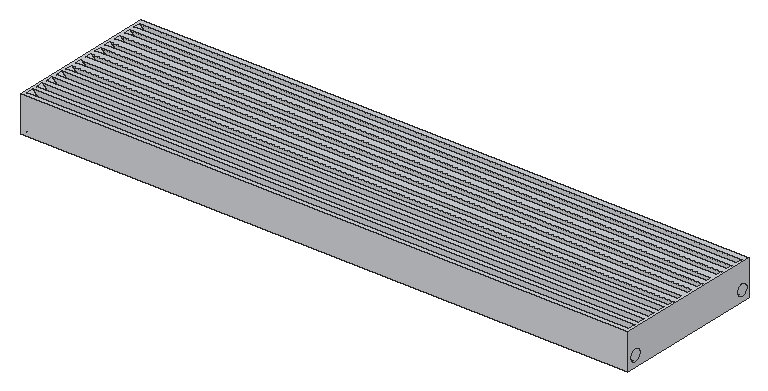
Revit family "SL13", category Mechanical Equipment, Revit 2017
Family settings
  Round Connector Dimension = Use Diameter
  Part Type = Normal
  OmniClass Number = 23.75.00.00
  OmniClass Title = Climate Control (HVAC)
  Work Plane-Based = No
  Always vertical = Yes
  Cut with Voids When Loaded = No
  Shared = No
  Room Calculation Point = No
Parameters
  Width = 299 mm
  Length = 1200 mm
  Height = 200 mm
Reference planes
  plane 1 "Center (Front/Back)": y = 0
  plane 2: z = 0
  plane 3 "Center (Left/Right)": x = 0
  plane 4: x = 0
  plane 5: x = -600
  plane 6: x = 600
  plane 7: x = -595
  plane 8: x = -580
  plane 9: x = 595
  plane 10: x = 580
  plane 11: x = 597
  plane 12: x = -597
  plane 13: z = 270
  plane 14: z = 255
  plane 15: z = 215
  plane 16: z = 200
  plane 17: y = -3
  plane 18: y = -299
  plane 19: y = -296
  plane 20: y = -281
  plane 21: y = -18
  plane 22: x = -530
  plane 23: x = 530
  plane 24: x = -533
  plane 25: x = 533
  plane 26 "Center": y = -149.5
Forms (mm)
  Extrusion 1, solid
    sketch origin (0, 0, 0) x (1, 0, 0) y (0, 0, 1)
      loop
        line (-600, 270) -> (-600, 200) -> (-595, 200) -> (-580, 215) -> (-580, 255) -> (-595, 270) -> (-600, 270)
      loop
        line (600, 270) -> (595, 270) -> (580, 255) -> (580, 215) -> (595, 200) -> (600, 200) -> (600, 270)
    from 0 to 299
  Extrusion 2, solid
    sketch origin (0, 0, 0) x (1, 0, 0) y (0, 1, 0)
      loop
        line (-595, 0) -> (-595, -11) -> (595, -11) -> (595, 0) -> (-595, 0)
    from 200 to 270
  Extrusion 3, solid
    sketch origin (0, -24, 0) x (1, 0, 0) y (0, 1, 0)
      loop
        line (-595, 0) -> (-595, -11) -> (595, -11) -> (595, 0) -> (-595, 0)
    from 200 to 270
  Extrusion 4, solid
    sketch origin (0, -48, 0) x (1, 0, 0) y (0, 1, 0)
      loop
        line (-595, 0) -> (-595, -11) -> (595, -11) -> (595, 0) -> (-595, 0)
    from 200 to 270
  Extrusion 5, solid
    sketch origin (0, -72, 0) x (1, 0, 0) y (0, 1, 0)
      loop
        line (-595, 0) -> (-595, -11) -> (595, -11) -> (595, 0) -> (-595, 0)
    from 200 to 270
  Extrusion 6, solid
    sketch origin (0, -96, 0) x (1, 0, 0) y (0, 1, 0)
      loop
        line (-595, 0) -> (-595, -11) -> (595, -11) -> (595, 0) -> (-595, 0)
    from 200 to 270
  Extrusion 7, solid
    sketch origin (0, -120, 0) x (1, 0, 0) y (0, 1, 0)
      loop
        line (-595, 0) -> (-595, -11) -> (595, -11) -> (595, 0) -> (-595, 0)
    from 200 to 270
  Extrusion 8, solid
    sketch origin (0, -144, 0) x (1, 0, 0) y (0, 1, 0)
      loop
        line (-595, 0) -> (-595, -11) -> (595, -11) -> (595, 0) -> (-595, 0)
    from 200 to 270
  Extrusion 9, solid
    sketch origin (0, -168, 0) x (1, 0, 0) y (0, 1, 0)
      loop
        line (-595, 0) -> (-595, -11) -> (595, -11) -> (595, 0) -> (-595, 0)
    from 200 to 270
  Extrusion 10, solid
    sketch origin (0, -192, 0) x (1, 0, 0) y (0, 1, 0)
      loop
        line (-595, 0) -> (-595, -11) -> (595, -11) -> (595, 0) -> (-595, 0)
    from 200 to 270
  Extrusion 11, solid
    sketch origin (0, -216, 0) x (1, 0, 0) y (0, 1, 0)
      loop
        line (-595, 0) -> (-595, -11) -> (595, -11) -> (595, 0) -> (-595, 0)
    from 200 to 270
  Extrusion 12, solid
    sketch origin (0, -240, 0) x (1, 0, 0) y (0, 1, 0)
      loop
        line (-595, 0) -> (-595, -11) -> (595, -11) -> (595, 0) -> (-595, 0)
    from 200 to 270
  Extrusion 13, solid
    sketch origin (0, -264, 0) x (1, 0, 0) y (0, 1, 0)
      loop
        line (-595, 0) -> (-595, -11) -> (595, -11) -> (595, 0) -> (-595, 0)
    from 200 to 270
  Extrusion 14, solid
    sketch origin (0, -288, 0) x (1, 0, 0) y (0, 1, 0)
      loop
        line (-595, 0) -> (-595, -11) -> (595, -11) -> (595, 0) -> (-595, 0)
    from 200 to 270
  Extrusion 15, solid
    sketch origin (0, 0, 0) x (0, 1, 0) y (0, 0, 1)
      loop
        circle (-17.5, 222) r 10.5
      loop
        circle (-281.5, 222) r 10.5
    from -600 to -602
  Extrusion 16, solid
    sketch origin (0, 0, 0) x (0, 1, 0) y (0, 0, -1)
      loop
        circle (-17.5, -222) r 10.5
      loop
        circle (-281.5, -222) r 10.5
    from -600 to -602
Cuts and joins
  joined: Extrusion 1, Extrusion 2, Extrusion 3, Extrusion 4, Extrusion 5, Extrusion 6, Extrusion 7, Extrusion 8, Extrusion 9, Extrusion 10, Extrusion 11, Extrusion 12, Extrusion 13, Extrusion 14
Dimensions and locks
  equal spacing: plane 5, plane 4, plane 6
  "Length": plane 5 to plane 6
  locked: plane 7 to plane 8 at 15
  locked: plane 5 to plane 7 at 5
  locked: plane 9 to plane 10 at 15
  locked: plane 6 to plane 9 at 5
  locked: plane 11 to plane 6 at 3
  locked: plane 5 to plane 12 at 3
  "Height": plane 16 to level
  locked: plane 13 to plane 14 at 15
  locked: plane 13 to plane 16 at 70
  locked: plane 15 to plane 16 at 15
  "Width": plane 18 to plane 1 "Center (Front/Back)"
  locked: plane 23 to plane 6 at 70
  locked: plane 17 to plane 1 "Center (Front/Back)" at 3
  locked: plane 19 to plane 18 at 3
  locked: plane 21 to plane 1 "Center (Front/Back)" at 18
  locked: plane 20 to plane 18 at 18
  locked: plane 24 to plane 22 at 3
  locked: plane 23 to plane 25 at 3
  Extrusion 2 sketch curve to Extrusion 2 sketch curve = 11 mm
  Extrusion 3 sketch curve to Extrusion 3 sketch curve = 11 mm
  Extrusion 4 sketch curve to Extrusion 4 sketch curve = 11 mm
  Extrusion 5 sketch curve to Extrusion 5 sketch curve = 11 mm
  Extrusion 6 sketch curve to Extrusion 6 sketch curve = 11 mm
  Extrusion 7 sketch curve to Extrusion 7 sketch curve = 11 mm
  Extrusion 8 sketch curve to Extrusion 8 sketch curve = 11 mm
  Extrusion 9 sketch curve to Extrusion 9 sketch curve = 11 mm
  Extrusion 10 sketch curve to Extrusion 10 sketch curve = 11 mm
  Extrusion 11 sketch curve to Extrusion 11 sketch curve = 11 mm
  Extrusion 12 sketch curve to Extrusion 12 sketch curve = 11 mm
  Extrusion 13 sketch curve to Extrusion 13 sketch curve = 11 mm
  Extrusion 14 sketch curve to Extrusion 14 sketch curve = 11 mm
  locked: plane 5 to plane 22 at 70
  equal spacing: plane 18, plane 26 "Center", plane 1 "Center (Front/Back)"
  locked: Extrusion 2 to Extrusion 2 at 11
  locked: Extrusion 3 to Extrusion 2 at 13
  plane 21 to Extrusion 3 to Extrusion 3 = 6 mm locked, 11 mm locked
  locked: Extrusion 4 to Extrusion 3 at 13
  locked: Extrusion 4 to Extrusion 4 at 11
  locked: Extrusion 5 to Extrusion 4 at 13
  locked: Extrusion 5 to Extrusion 5 at 11
  locked: Extrusion 6 to Extrusion 5 at 13
  locked: Extrusion 6 to Extrusion 6 at 11
  locked: Extrusion 7 to Extrusion 6 at 13
  locked: Extrusion 7 to Extrusion 7 at 11
  locked: Extrusion 8 to Extrusion 7 at 13
  locked: Extrusion 8 to Extrusion 8 at 11
  locked: Extrusion 9 to Extrusion 8 at 13
  locked: Extrusion 9 to Extrusion 9 at 11
  locked: Extrusion 10 to Extrusion 9 at 13
  locked: Extrusion 10 to Extrusion 10 at 11
  locked: Extrusion 11 to Extrusion 10 at 13
  locked: Extrusion 11 to Extrusion 11 at 11
  locked: Extrusion 12 to Extrusion 11 at 13
  locked: Extrusion 12 to Extrusion 12 at 11
  locked: Extrusion 13 to Extrusion 12 at 13
  locked: Extrusion 13 to Extrusion 13 at 11
  locked: Extrusion 14 to Extrusion 13 at 13
  locked: Extrusion 14 to Extrusion 14 at 11
  locked: plane 1 "Center (Front/Back)" to Extrusion 15 sketch curve at 17.5
  Extrusion 15 sketch curve to plane 16 = 22 mm
  locked: Extrusion 15 sketch curve to plane 18 at 17.5
  locked: Extrusion 15 sketch curve to plane 16 at 22
  locked: plane 5 to Extrusion 15 at 2
  locked: plane 6 to Extrusion 16 at 2
  aligned and locked: level to plane 2
  aligned and locked: plane 5 to Extrusion 1 sketch curve
  aligned and locked: Extrusion 1 sketch curve to plane 8
  aligned and locked: plane 16 to Extrusion 1 sketch curve
  aligned and locked: Extrusion 1 sketch curve to plane 13
  aligned and locked: Extrusion 1 sketch curve to plane 6
  aligned and locked: plane 13 to Extrusion 1 sketch curve
  aligned and locked: plane 10 to Extrusion 1 sketch curve
  aligned and locked: Extrusion 1 sketch curve to plane 16
  aligned and locked: plane 13 to Extrusion 2
  aligned and locked: Extrusion 2 to plane 16
  aligned and locked: Extrusion 14 to plane 9
  aligned and locked: Extrusion 13 to plane 9
  aligned and locked: Extrusion 12 to plane 9
  aligned and locked: Extrusion 11 to plane 9
  aligned and locked: Extrusion 10 to plane 9
  aligned and locked: Extrusion 9 to plane 9
  aligned and locked: Extrusion 8 to plane 9
  aligned and locked: Extrusion 7 to plane 9
  aligned and locked: Extrusion 6 to plane 9
  aligned and locked: Extrusion 5 to plane 9
  aligned and locked: Extrusion 4 to plane 9
  aligned and locked: Extrusion 3 to plane 9
  aligned and locked: Extrusion 2 to plane 9
  aligned and locked: plane 13 to Extrusion 14
  aligned and locked: plane 13 to Extrusion 13
  aligned and locked: plane 13 to Extrusion 12
  aligned and locked: plane 13 to Extrusion 11
  aligned and locked: plane 13 to Extrusion 10
  aligned and locked: plane 13 to Extrusion 9
  aligned and locked: plane 13 to Extrusion 8
  aligned and locked: plane 13 to Extrusion 7
  aligned and locked: plane 13 to Extrusion 6
  aligned and locked: plane 13 to Extrusion 5
  aligned and locked: plane 13 to Extrusion 4
  aligned and locked: plane 13 to Extrusion 3
  aligned and locked: Extrusion 14 to plane 16
  aligned and locked: Extrusion 13 to plane 16
  aligned and locked: Extrusion 12 to plane 16
  aligned and locked: Extrusion 11 to plane 16
  aligned and locked: Extrusion 10 to plane 16
  aligned and locked: Extrusion 9 to plane 16
  aligned and locked: Extrusion 8 to plane 16
  aligned and locked: Extrusion 7 to plane 16
  aligned and locked: Extrusion 6 to plane 16
  aligned and locked: Extrusion 5 to plane 16
  aligned and locked: Extrusion 4 to plane 16
  aligned and locked: Extrusion 3 to plane 16
  aligned and locked: Extrusion 1 to plane 18
  aligned and locked: plane 6 to Extrusion 16
  aligned and locked: plane 5 to Extrusion 15
Automatic sketch dimensions
  Extrusion 1 sketch curve to plane 7 = 0 mm  (x2)
  plane 9 to Extrusion 1 sketch curve = 0 mm  (x2)
  Extrusion 1 sketch curve to plane 15 = 0 mm  (x2)
  Extrusion 1 sketch curve to plane 14 = 0 mm  (x2)
  plane 1 "Center (Front/Back)" to Extrusion 2 sketch curve = 0 mm
  Extrusion 2 sketch curve to plane 7 = 0 mm
  Extrusion 2 sketch curve to plane 9 = 0 mm
  Extrusion 3 sketch curve to plane 7 = 0 mm
  Extrusion 3 sketch curve to plane 9 = 0 mm
  Extrusion 3 sketch curve to plane 21 = 17 mm
  Extrusion 4 sketch curve to plane 7 = 0 mm
  Extrusion 4 sketch curve to plane 9 = 0 mm
  Extrusion 4 sketch curve to plane 21 = 41 mm
  Extrusion 5 sketch curve to plane 7 = 0 mm
  Extrusion 5 sketch curve to plane 9 = 0 mm
  Extrusion 5 sketch curve to plane 21 = 65 mm
  Extrusion 6 sketch curve to plane 7 = 0 mm
  Extrusion 6 sketch curve to plane 9 = 0 mm
  plane 26 "Center" to Extrusion 6 sketch curve = 42.5 mm
  Extrusion 7 sketch curve to plane 7 = 0 mm
  Extrusion 7 sketch curve to plane 9 = 0 mm
  plane 26 "Center" to Extrusion 7 sketch curve = 18.5 mm
  Extrusion 8 sketch curve to plane 7 = 0 mm
  Extrusion 8 sketch curve to plane 9 = 0 mm
  Extrusion 8 sketch curve to plane 26 "Center" = 5.5 mm
  Extrusion 9 sketch curve to plane 7 = 0 mm
  Extrusion 9 sketch curve to plane 9 = 0 mm
  Extrusion 9 sketch curve to plane 26 "Center" = 29.5 mm
  Extrusion 10 sketch curve to plane 7 = 0 mm
  Extrusion 10 sketch curve to plane 9 = 0 mm
  Extrusion 10 sketch curve to plane 26 "Center" = 53.5 mm
  Extrusion 11 sketch curve to plane 7 = 0 mm
  Extrusion 11 sketch curve to plane 9 = 0 mm
  Extrusion 11 sketch curve to plane 26 "Center" = 77.5 mm
  Extrusion 12 sketch curve to plane 7 = 0 mm
  Extrusion 12 sketch curve to plane 9 = 0 mm
  plane 20 to Extrusion 12 sketch curve = 30 mm
  Extrusion 13 sketch curve to plane 7 = 0 mm
  Extrusion 13 sketch curve to plane 9 = 0 mm
  plane 20 to Extrusion 13 sketch curve = 6 mm
  Extrusion 14 sketch curve to plane 7 = 0 mm
  Extrusion 14 sketch curve to plane 9 = 0 mm
  Extrusion 14 sketch curve to plane 20 = 18 mm
  Extrusion 16 sketch curve to plane 20 = 0.5 mm
  plane 21 to Extrusion 16 sketch curve = 0.5 mm
  Extrusion 16 sketch curve to plane 15 = 7 mm  (x2)
  radius of Extrusion 15 sketch curve = 10.5 mm  (x2)
  radius of Extrusion 16 sketch curve = 10.5 mm  (x2)
